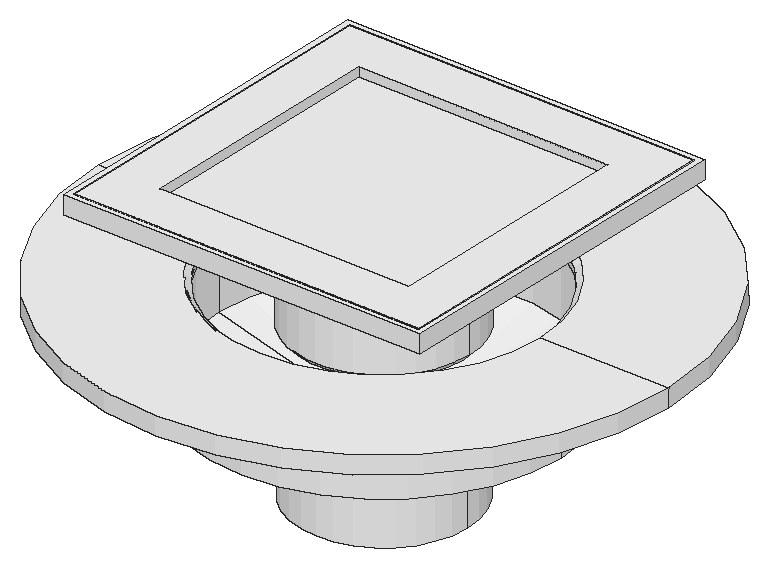
Revit family "Plumbing Fixture-FloorDrain_Mifab_C1100-TS", category Plumbing Fixtures, host Face, Revit 2013
Parameters (values of type "2"")
  WFU = 0
  URL = "WWW.MIFAB.COM"
  Top Assembly Height = 1.250"
  Strainer Radius = Stainer Diameter / 2  # 4.000"
  Stainer Diameter = 8.000"
  Pipe Radius = Pipe Diameter / 2  # 1.000"
  Pipe Diameter = 2.000"
  Model = "C1100-TS"
  Manufacturer = "MIFAB"
  Floor Drain Material = Paint - Sherwin Williams Paint - #952C2A - Bellwood Red
  Description = "FLOOR CLEANOUT FOR TILE AREAS WITH SQUARE ADJUSTABLE COVER AND PLUG"
  Default Elevation = 0.000"
  Body Height = 2.750"
Types (4): name | Pipe Radius | Pipe Diameter
  (no name) | 1.000" | 2.000"
  2" | 1.000" | 2.000"
  3" | 1.500" | 3.000"
  4" | 2.000" | 4.000"
Reference planes (in)
  plane 1 "Center (Front/Back)": y = 0
  plane 2: z = 0
  plane 3 "Center (Left/Right)": x = 0
  plane 4: x = -4
  plane 5: x = 4
  plane 6: z = -4
  plane 7: x = -1
  plane 8: x = 1
  plane 9: x = -2.31968
  plane 10: x = 2.31968
  plane 11: z = -1.25
Forms (in)
  Revolve 1, solid, material "Paint - Sherwin Williams Paint - #952C2A - Bellwood Red" <- "Floor Drain Material"
    sketch origin (0, 0, 0) x (1, 0, 0) y (0, 0, 1)
      loop
        line (1.2, -1.82) -> (1.2, -0.25) -> (1.05, -0.25) -> (1.05, -1.9) -> (1.12, -1.9) -> (1.2, -1.82)
      axis (0, -0.25) -> (0, -1.9)
    angle from 0 to 360
  Revolve 2, solid, material "Paint - Sherwin Williams Paint - #952C2A - Bellwood Red" <- "Floor Drain Material"
    sketch origin (0, 0, 0) x (1, 0, 0) y (0, 0, 1)
      loop
        line (2.32, -1.5) -> (2.32, -2.51151) -> (1, -2.86151) -> (1, -4) -> (1.18, -4) -> (1.18, -3) -> (2.5, -2.65) -> (2.5, -1.5) -> (4, -1.5) -> (4, -1.25) -> (2.2, -1.25) -> (2.12, -1.33) -> (2.12, -1.42) -> (2.2, -1.5) -> (2.32, -1.5)
      axis (0, -4) -> (0, -1.25)
    angle from 0 to 360
  Extrusion 3, solid, material "Paint - Sherwin Williams Paint - #952C2A - Bellwood Red" <- "Floor Drain Material"
    sketch origin (0, 0, 0) x (1, 0, 0) y (0, 1, 0)
      loop
        line (-2.5, 2.5) -> (-2.5, -2.5) -> (2.5, -2.5) -> (2.5, 2.5) -> (-2.5, 2.5)
    from 0 to -0.25
  Extrusion 4, void
    sketch origin (0, 0, 0) x (1, 0, 0) y (0, 1, 0)
      loop
        line (-2.42, 2.42) -> (-2.42, -2.42) -> (2.42, -2.42) -> (2.42, 2.42) -> (-2.42, 2.42)
    from 0 to -0.16
  Extrusion 5, solid, material "Paint - Sherwin Williams Paint - #952C2A - Bellwood Red" <- "Floor Drain Material"
    sketch origin (0, 0, 0) x (1, 0, 0) y (0, 1, 0)
      loop
        line (-2.42, 2.42) -> (-2.42, -2.42) -> (2.42, -2.42) -> (2.42, 2.42) -> (-2.42, 2.42)
    from 0 to -0.16
  Extrusion 6, void
    sketch origin (0, 0, 0) x (1, 0, 0) y (0, 1, 0)
      loop
        line (-1.75, 1.75) -> (-1.75, -1.75) -> (1.75, -1.75) -> (1.75, 1.75) -> (-1.75, 1.75)
    from 0 to -0.12
Cuts and joins
  Extrusion 4 cuts Revolve 1
  Extrusion 4 cuts Extrusion 3
  joined: Revolve 1, Extrusion 3
  Extrusion 6 cuts Extrusion 5
Lines and regions (in)
  symbolic lines
    curve 1: circle (0, 0, 0) r 4 normal (0, 0, 1)
Dimensions and locks (in)
  equal spacing: plane 5, plane 3 "Center (Left/Right)", plane 4
  "Stainer Diameter": plane 5 to plane 4
  "Body Height": plane 11 to plane 6
  equal spacing: plane 8, plane 3 "Center (Left/Right)", plane 7
  "Pipe Diameter": plane 8 to plane 7
  "Top Assembly Height": host face to plane 11
  locked: Revolve 2 sketch curve to Revolve 2 sketch curve at 0.18
  locked: host face to Revolve 1 sketch curve at 0.25
  locked: Extrusion 3 sketch curve to Extrusion 3 sketch curve at 5  (x2)
  equal spacing: Extrusion 3 sketch curve, curve 1, Extrusion 3 sketch curve
  equal spacing: Extrusion 3 sketch curve, plane 3 "Center (Left/Right)", Extrusion 3 sketch curve
  locked: Extrusion 4 sketch curve to Extrusion 4 sketch curve at 4.84  (x2)
  equal spacing: Extrusion 4 sketch curve, plane 3 "Center (Left/Right)", Extrusion 4 sketch curve
  equal spacing: Extrusion 4 sketch curve, plane 1 "Center (Front/Back)", Extrusion 4 sketch curve
  locked: Extrusion 5 sketch curve to Extrusion 5 sketch curve at 4.84  (x2)
  equal spacing: Extrusion 5 sketch curve, plane 3 "Center (Left/Right)", Extrusion 5 sketch curve
  equal spacing: Extrusion 5 sketch curve, plane 1 "Center (Front/Back)", Extrusion 5 sketch curve
  locked: Extrusion 6 sketch curve to Extrusion 6 sketch curve at 3.5  (x2)
  equal spacing: Extrusion 6 sketch curve, plane 3 "Center (Left/Right)", Extrusion 6 sketch curve
  equal spacing: Extrusion 6 sketch curve, plane 1 "Center (Front/Back)", Extrusion 6 sketch curve
  "Strainer Radius": radius of curve 1
  aligned and locked: plane 2 to host face
  aligned and locked: level to host face
  aligned and locked: plane 1 "Center (Front/Back)" to curve 1
  aligned and locked: plane 3 "Center (Left/Right)" to curve 1
  aligned and locked: Revolve 1 sketch curve to plane 3 "Center (Left/Right)"
  aligned and locked: plane 5 to Revolve 2 sketch curve
  aligned and locked: Revolve 2 sketch curve to plane 8
  aligned and locked: Revolve 2 sketch curve to plane 11
  aligned and locked: plane 3 "Center (Left/Right)" to Revolve 2 sketch curve
Automatic sketch dimensions
  host sketch curve to host sketch curve = 96.000"  (x2)
  Revolve 2 sketch curve to plane 6 = 0.000"  (x2)
  plane 10 to Revolve 2 sketch curve = 0.19968"
  Revolve 2 sketch curve to level = 0.000"
  Revolve 2 sketch curve to Revolve 2 sketch curve = 0.080"  (x3)
  Revolve 2 sketch curve to plane 10 = 0.00032"
  Revolve 2 sketch curve to Revolve 2 sketch curve = 0.180"
  Revolve 2 sketch curve to Revolve 2 sketch curve = 1.000"
  Revolve 2 sketch curve to Revolve 2 sketch curve = 0.13849"  (x2)
  plane 6 to Revolve 2 sketch curve = 1.350"
  Revolve 2 sketch curve to plane 11 = 0.250"
  Revolve 2 sketch curve to Revolve 2 sketch curve = 0.000"
  Revolve 2 sketch curve to plane 11 = 0.080"
  Revolve 1 sketch curve to plane 8 = 0.050"
  Revolve 1 sketch curve to plane 11 = 0.650"
  Revolve 1 sketch curve to plane 6 = 0.000"
  Revolve 1 sketch curve to level = 0.000"
  Revolve 1 sketch curve to Revolve 1 sketch curve = 0.070"
  Revolve 1 sketch curve to Revolve 1 sketch curve = 0.080"  (x2)
  plane 1 "Center (Front/Back)" to curve 1 = 0.000"
  curve 1 to plane 3 "Center (Left/Right)" = 0.000"
Connectors (in)
  piping at (0, 0, -4), driven by "Pipe Radius"
    settings: on Revolve 2, index 1, connector radius 1", flow factor 0, pipe flow 0 GPM, pressure drop 0.00 psi, fitting loss kfactor 0, connector angle 0.00°, fixture units 0, engagement length 0.000", flow configuration 0, flow direction 0, fitting loss method 0, system type 7, joint type 0, gender type 0, connector reference index -1, connector utility 0, adjustable connector no, is connector primary yes, fitting loss table "", connector description ""
